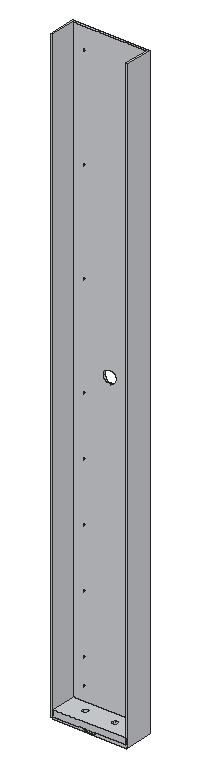
Revit family "MidWall", category Structural Connections, Revit 2026
Family settings
  Material for Model Behavior = Other
  Work Plane-Based = No
  Enable Cutting in Views = No
  Always vertical = No
  Cut with Voids When Loaded = No
  Shared = No
Parameters (values of type "MidWall 600-48")
  Version = "2.0"
  URL = "http://www.steelnetwork.com/product.aspx/MidWall"
  Manufacturer = "The Steel Network, Inc."
  Is_600-48 = yes
  Is_600-24 = no
  Is_362-48 = no
  Is_362-24 = no
  Is_250-48 = no
  Is_250-24 = no
Types (7): name | Is_600-48 | Is_600-24 | Is_362-48 | Is_362-24 | Is_250-48 | Is_250-24
  (no name) | yes | no | no | no | no | no
  MidWall 250-24 | no | no | no | no | no | yes
  MidWall 250-48 | no | no | no | no | yes | no
  MidWall 362-24 | no | no | no | yes | no | no
  MidWall 362-48 | no | no | yes | no | no | no
  MidWall 600-24 | no | yes | no | no | no | no
  MidWall 600-48 | yes | no | no | no | no | no
Reference planes (in)
  plane 1 "Center (Front/Back)": y = 0
  plane 2: z = 0
  plane 3 "Center (Left/Right)": x = 0
Nested families (in)
  nested 1: "MW250-24" at (-1.25, -1.8675, 0), visible <- "Is_250-24", type "MW250-24"
  nested 2: "MW250-48" at (-1.25, -1.8675, 0), visible <- "Is_250-48", type "MW250-48"
  nested 3: "MW362-24" at (-1.83135, -2.125, 0), visible <- "Is_362-24", type "MW362-24"
  nested 4: "MW362-48" at (-1.83135, -2.125, 0), visible <- "Is_362-48", type "MW362-48"
  nested 5: "MW600-24" at (-3, -2.125, 0), visible <- "Is_600-24", type "MW600-24"
  nested 6: "MW600-48" at (-3, -2.125, 0), visible <- "Is_600-48", type "MW600-48"
Definition of nested family "MW250-24"
  Reference planes (in)
    plane 1 "Center (Front/Back)": y = 0
    plane 2: z = 0
    plane 3 "Center (Left/Right)": x = 0
    plane 4: y = 1.8675
    plane 5: z = 24
    plane 6: y = 1.7658
    plane 7: y = 0.8829
    plane 8: x = 1.25
  Forms (in)
    Extrusion 1, solid
      sketch origin (0, 0, 0) x (1, 0, 0) y (0, 1, 0)
        loop
          line (0, 1.8675) -> (0, 0) -> (2.5, 0) -> (2.5, 1.8675) -> (0, 1.8675)
      from 0 to 24
    Extrusion 2, void
      sketch origin (0, 0, 0) x (1, 0, 0) y (0, 1, 0)
        loop
          line (0.1017, 1.7658) -> (0.1017, 0) -> (2.3983, 0) -> (2.3983, 1.7658) -> (0.1017, 1.7658)
      from 0.2034 to 24
    Extrusion 3, void
      sketch origin (0, 0, 0) x (1, 0, 0) y (0, 1, 0)
        loop
          line (0, 1.8675) -> (0, 0) -> (0.1017, 0) -> (0.1017, 1.8675) -> (0, 1.8675)
        loop
          line (2.3983, 1.8675) -> (2.3983, 0) -> (2.5, 0) -> (2.5, 1.8675) -> (2.3983, 1.8675)
      from 0 to 0.1017
    Extrusion 4, void
      sketch origin (0, 0, 0) x (1, 0, 0) y (0, 1, 0)
        loop
          line (0.96, 1.7658) -> (0.96, 0) -> (1.54, 0) -> (1.54, 1.7658) -> (0.96, 1.7658)
      from 0.1017 to 0.2034
    Extrusion 5, void
      sketch origin (0, 0, 0) x (1, 0, 0) y (0, 0, 1)
        loop
          circle (1.75, 1.79853) r 0.086
        loop
          circle (1.75, 3.79853) r 0.086
        loop
          circle (1.75, 8.42353) r 0.086
        loop
          circle (1.75, 13.04853) r 0.086
        loop
          circle (1.75, 17.67353) r 0.086
        loop
          circle (1.75, 22.29853) r 0.086
        loop
          circle (0.75, 1.79853) r 0.086
        loop
          circle (0.75, 3.79853) r 0.086
        loop
          circle (0.75, 8.42353) r 0.086
        loop
          circle (0.75, 13.04853) r 0.086
        loop
          circle (0.75, 17.67353) r 0.086
        loop
          circle (0.75, 22.29853) r 0.086
      from -1.8675 to -1.7658
    Extrusion 6, solid
      sketch origin (0, 0, 0) x (1, 0, 0) y (0, 0, 1)
        loop
          line (0.15, 0.7034) -> (0.15, 0.2034) -> (2.35, 0.2034) -> (2.35, 0.7034) -> (0.15, 0.7034)
      from -1.7658 to 0
    Extrusion 7, void
      sketch origin (0, 0, 0) x (1, 0, 0) y (0, 1, 0)
        loop
          circle (1.25, 0.8829) r 0.266
      from 0.2034 to 0.7034
  Cuts and joins
    Extrusion 2, Extrusion 3, Extrusion 4, Extrusion 5, Extrusion 7 cuts Extrusion 1
    Extrusion 7 cuts Extrusion 6
  Dimensions and locks (in)
    aligned and locked: plane 5 to Extrusion 1
Definition of nested family "MW250-48"
  Reference planes (in)
    plane 1 "Center (Front/Back)": y = 0
    plane 2: z = 0
    plane 3 "Center (Left/Right)": x = 0
    plane 4: y = 1.8675
    plane 5: z = 48
    plane 6: y = 1.7658
    plane 7: y = 0.8829
    plane 8: x = 1.25
  Forms (in)
    Extrusion 1, solid
      sketch origin (0, 0, 0) x (1, 0, 0) y (0, 1, 0)
        loop
          line (0, 1.8675) -> (0, 0) -> (2.5, 0) -> (2.5, 1.8675) -> (0, 1.8675)
      from 0 to 48
    Extrusion 2, void
      sketch origin (0, 0, 0) x (1, 0, 0) y (0, 1, 0)
        loop
          line (0.1017, 1.7658) -> (0.1017, 0) -> (2.3983, 0) -> (2.3983, 1.7658) -> (0.1017, 1.7658)
      from 0.2034 to 48
    Extrusion 3, void
      sketch origin (0, 0, 0) x (1, 0, 0) y (0, 1, 0)
        loop
          line (0, 1.8675) -> (0, 0) -> (0.1017, 0) -> (0.1017, 1.8675) -> (0, 1.8675)
        loop
          line (2.3983, 1.8675) -> (2.3983, 0) -> (2.5, 0) -> (2.5, 1.8675) -> (2.3983, 1.8675)
      from 0 to 0.1017
    Extrusion 4, void
      sketch origin (0, 0, 0) x (1, 0, 0) y (0, 1, 0)
        loop
          line (0.96, 1.7658) -> (0.96, 0) -> (1.54, 0) -> (1.54, 1.7658) -> (0.96, 1.7658)
      from 0.1017 to 0.2034
    Extrusion 5, void
      sketch origin (0, 0, 0) x (1, 0, 0) y (0, 0, 1)
        loop
          circle (1.75, 1.79853) r 0.086
        loop
          circle (1.75, 3.79853) r 0.086
        loop
          circle (1.75, 8.42353) r 0.086
        loop
          circle (1.75, 13.04853) r 0.086
        loop
          circle (1.75, 17.67353) r 0.086
        loop
          circle (1.75, 22.29853) r 0.086
        loop
          circle (1.75, 30.29853) r 0.086
        loop
          circle (1.75, 38.29853) r 0.086
        loop
          circle (1.75, 46.29853) r 0.086
        loop
          circle (0.75, 1.79853) r 0.086
        loop
          circle (0.75, 3.79853) r 0.086
        loop
          circle (0.75, 8.42353) r 0.086
        loop
          circle (0.75, 13.04853) r 0.086
        loop
          circle (0.75, 17.67353) r 0.086
        loop
          circle (0.75, 22.29853) r 0.086
        loop
          circle (0.75, 30.29853) r 0.086
        loop
          circle (0.75, 38.29853) r 0.086
        loop
          circle (0.75, 46.29853) r 0.086
      from -1.8675 to -1.7658
    Extrusion 6, void
      sketch origin (0, 0, 0) x (1, 0, 0) y (0, 0, 1)
        loop
          circle (1.25, 24.1017) r 0.5
      from -1.8675 to -1.7658
    Extrusion 7, solid
      sketch origin (0, 0, 0) x (1, 0, 0) y (0, 0, 1)
        loop
          line (0.15, 0.7034) -> (0.15, 0.2034) -> (2.35, 0.2034) -> (2.35, 0.7034) -> (0.15, 0.7034)
      from -1.7658 to 0
    Extrusion 8, void
      sketch origin (0, 0, 0) x (1, 0, 0) y (0, 1, 0)
        loop
          circle (1.25, 0.8829) r 0.266
      from 0.2034 to 0.7034
  Cuts and joins
    Extrusion 2, Extrusion 3, Extrusion 4, Extrusion 5, Extrusion 6, Extrusion 8 cuts Extrusion 1
    Extrusion 8 cuts Extrusion 7
  Dimensions and locks (in)
    plane 5 to level = 48.0000"
    aligned and locked: plane 5 to Extrusion 1
Definition of nested family "MW362-24"
  Reference planes (in)
    plane 1 "Center (Front/Back)": y = 0
    plane 2: z = 0
    plane 3 "Center (Left/Right)": x = 0
  Forms (in)
    Extrusion 1, solid
      sketch origin (0, 0, 0) x (1, 0, 0) y (0, 1, 0)
        loop
          line (0, 2.125) -> (0, 0) -> (3.625, 0) -> (3.625, 2.125) -> (0, 2.125)
      from 0 to 24
    Extrusion 2, void
      sketch origin (0, 0, 0) x (1, 0, 0) y (0, 1, 0)
        loop
          line (0.1017, 2.0233) -> (0.1017, 0) -> (3.5233, 0) -> (3.5233, 2.0233) -> (0.1017, 2.0233)
      from 0.2034 to 24
    Extrusion 3, void
      sketch origin (0, 0, 0) x (1, 0, 0) y (0, 1, 0)
        loop
          line (0, 2.125) -> (0, 0) -> (0.1017, 0) -> (0.1017, 2.125) -> (0, 2.125)
        loop
          line (3.5233, 2.125) -> (3.5233, 0) -> (3.625, 0) -> (3.625, 2.125) -> (3.5233, 2.125)
      from 0 to 0.1017
    Extrusion 4, void
      sketch origin (0, 0, 0) x (1, 0, 0) y (0, 0, 1)
        loop
          circle (2.74996, 1.79853) r 0.086
        loop
          circle (2.74996, 3.79853) r 0.086
        loop
          circle (2.74996, 8.42353) r 0.086
        loop
          circle (2.74996, 13.04853) r 0.086
        loop
          circle (2.74996, 17.67353) r 0.086
        loop
          circle (2.74996, 22.29853) r 0.086
        loop
          circle (0.87496, 1.79853) r 0.086
        loop
          circle (0.87496, 3.79853) r 0.086
        loop
          circle (0.87496, 8.42353) r 0.086
        loop
          circle (0.87496, 13.04853) r 0.086
        loop
          circle (0.87496, 17.67353) r 0.086
        loop
          circle (0.87496, 22.29853) r 0.086
      from -2.125 to -2.0233
    Extrusion 5, solid
      sketch origin (0, 0, 0) x (1, 0, 0) y (0, 0, 1)
        loop
          line (0.15, 0.7034) -> (0.15, 0.2034) -> (3.475, 0.2034) -> (3.475, 0.7034) -> (0.15, 0.7034)
      from -2.0233 to 0
    Extrusion 6, void
      sketch origin (0, 0, 0) x (1, 0, 0) y (0, 1, 0)
        loop
          line (1.716, 2.0233) -> (1.716, 0) -> (1.909, 0) -> (1.909, 2.0233) -> (1.716, 2.0233)
      from 0.1017 to 0.2034
    Extrusion 7, void
      sketch origin (0, 0, 0) x (1, 0, 0) y (0, 1, 0)
        loop
          circle (0.7517, 1.0625) r 0.25
        loop
          circle (2.8733, 1.0625) r 0.25
      from 0 to 0.2034
    Extrusion 8, void
      sketch origin (0, 0, 0) x (1, 0, 0) y (0, 1, 0)
        loop
          circle (0.7517, 1.0625) r 0.20685
        loop
          circle (2.8733, 1.0625) r 0.20685
      from 0.2034 to 0.7034
  Cuts and joins
    Extrusion 2, Extrusion 3, Extrusion 4, Extrusion 6, Extrusion 7, Extrusion 8 cuts Extrusion 1
    Extrusion 6, Extrusion 7, Extrusion 8 cuts Extrusion 5
Definition of nested family "MW362-48"
  Reference planes (in)
    plane 1 "Center (Front/Back)": y = 0
    plane 2: z = 0
    plane 3 "Center (Left/Right)": x = 0
  Forms (in)
    Extrusion 1, solid
      sketch origin (0, 0, 0) x (1, 0, 0) y (0, 1, 0)
        loop
          line (0, 2.125) -> (0, 0) -> (3.625, 0) -> (3.625, 2.125) -> (0, 2.125)
      from 0 to 48
    Extrusion 2, void
      sketch origin (0, 0, 0) x (1, 0, 0) y (0, 1, 0)
        loop
          line (0.1017, 2.0233) -> (0.1017, 0) -> (3.5233, 0) -> (3.5233, 2.0233) -> (0.1017, 2.0233)
      from 0.2034 to 48
    Extrusion 3, void
      sketch origin (0, 0, 0) x (1, 0, 0) y (0, 1, 0)
        loop
          line (0, 2.125) -> (0, 0) -> (0.1017, 0) -> (0.1017, 2.125) -> (0, 2.125)
        loop
          line (3.5233, 2.125) -> (3.5233, 0) -> (3.625, 0) -> (3.625, 2.125) -> (3.5233, 2.125)
      from 0 to 0.1017
    Extrusion 4, void
      sketch origin (0, 0, 0) x (1, 0, 0) y (0, 0, 1)
        loop
          circle (2.74996, 1.79853) r 0.086
        loop
          circle (2.74996, 3.79853) r 0.086
        loop
          circle (2.74996, 8.42353) r 0.086
        loop
          circle (2.74996, 13.04853) r 0.086
        loop
          circle (2.74996, 17.67353) r 0.086
        loop
          circle (2.74996, 22.29853) r 0.086
        loop
          circle (2.74996, 30.29853) r 0.086
        loop
          circle (2.74996, 38.29853) r 0.086
        loop
          circle (2.74996, 46.29853) r 0.086
        loop
          circle (0.87496, 1.79853) r 0.086
        loop
          circle (0.87496, 3.79853) r 0.086
        loop
          circle (0.87496, 8.42353) r 0.086
        loop
          circle (0.87496, 13.04853) r 0.086
        loop
          circle (0.87496, 17.67353) r 0.086
        loop
          circle (0.87496, 22.29853) r 0.086
        loop
          circle (0.87496, 30.29853) r 0.086
        loop
          circle (0.87496, 38.29853) r 0.086
        loop
          circle (0.87496, 46.29853) r 0.086
      from -2.125 to -2.0233
    Extrusion 5, solid
      sketch origin (0, 0, 0) x (1, 0, 0) y (0, 0, 1)
        loop
          line (0.15, 0.7034) -> (0.15, 0.2034) -> (3.475, 0.2034) -> (3.475, 0.7034) -> (0.15, 0.7034)
      from -2.0233 to 0
    Extrusion 6, void
      sketch origin (0, 0, 0) x (1, 0, 0) y (0, 1, 0)
        loop
          line (1.716, 2.0233) -> (1.716, 0) -> (1.909, 0) -> (1.909, 2.0233) -> (1.716, 2.0233)
      from 0.1017 to 0.2034
    Extrusion 7, void
      sketch origin (0, 0, 0) x (1, 0, 0) y (0, 1, 0)
        loop
          circle (0.7517, 1.0625) r 0.25
        loop
          circle (2.8733, 1.0625) r 0.25
      from 0 to 0.2034
    Extrusion 8, void
      sketch origin (0, 0, 0) x (1, 0, 0) y (0, 1, 0)
        loop
          circle (0.7517, 1.0625) r 0.20685
        loop
          circle (2.8733, 1.0625) r 0.20685
      from 0.2034 to 0.7034
    Extrusion 9, void
      sketch origin (0, 0, 0) x (1, 0, 0) y (0, 0, 1)
        loop
          circle (1.8125, 24.1017) r 0.5
      from -2.125 to -2.0233
  Cuts and joins
    Extrusion 2, Extrusion 3, Extrusion 4, Extrusion 6, Extrusion 7, Extrusion 8, Extrusion 9 cuts Extrusion 1
    Extrusion 6, Extrusion 7, Extrusion 8 cuts Extrusion 5
Definition of nested family "MW600-24"
  Reference planes (in)
    plane 1 "Center (Front/Back)": y = 0
    plane 2: z = 0
    plane 3 "Center (Left/Right)": x = 0
    plane 4: z = 24
  Forms (in)
    Extrusion 1, solid
      sketch origin (0, 0, 0) x (1, 0, 0) y (0, 1, 0)
        loop
          line (0, 2.125) -> (0, 0) -> (6, 0) -> (6, 2.125) -> (0, 2.125)
      from 0 to 24
    Extrusion 2, void
      sketch origin (0, 0, 0) x (1, 0, 0) y (0, 1, 0)
        loop
          line (0.1017, 2.0233) -> (0.1017, 0) -> (5.86531, 0) -> (5.86531, 2.0233) -> (0.1017, 2.0233)
      from 0.2034 to 24
    Extrusion 3, void
      sketch origin (0, 0, 0) x (1, 0, 0) y (0, 1, 0)
        loop
          line (0, 2.125) -> (0, 0) -> (0.1017, 0) -> (0.1017, 2.125) -> (0, 2.125)
        loop
          line (5.8983, 2.125) -> (5.8983, 0) -> (6, 0) -> (6, 2.125) -> (5.8983, 2.125)
      from 0 to 0.1017
    Extrusion 4, void
      sketch origin (0, 0, 0) x (1, 0, 0) y (0, 0, 1)
        loop
          circle (5, 1.79853) r 0.086
        loop
          circle (5, 3.79853) r 0.086
        loop
          circle (5, 8.42353) r 0.086
        loop
          circle (5, 13.04853) r 0.086
        loop
          circle (5, 17.67353) r 0.086
        loop
          circle (5, 22.29853) r 0.086
        loop
          circle (1, 1.79853) r 0.086
        loop
          circle (1, 3.79853) r 0.086
        loop
          circle (1, 8.42353) r 0.086
        loop
          circle (1, 13.04853) r 0.086
        loop
          circle (1, 17.67353) r 0.086
        loop
          circle (1, 22.29853) r 0.086
      from -2.125 to -2.0233
    Extrusion 5, solid
      sketch origin (0, 0, 0) x (1, 0, 0) y (0, 0, 1)
        loop
          line (0.15, 0.7034) -> (0.15, 0.2034) -> (5.81701, 0.2034) -> (5.81701, 0.7034) -> (0.15, 0.7034)
      from -2.0233 to 0
    Extrusion 6, void
      sketch origin (0, 0, 0) x (1, 0, 0) y (0, 1, 0)
        loop
          line (2.6483, 2.0233) -> (2.6483, 0) -> (3.3983, 0) -> (3.3983, 2.0233) -> (2.6483, 2.0233)
      from 0.1017 to 0.2034
    Extrusion 7, void
      sketch origin (0, 0, 0) x (1, 0, 0) y (0, 1, 0)
        loop
          circle (1.835, 1.0625) r 0.25
        loop
          circle (4.165, 1.0625) r 0.25
      from 0 to 0.2034
    Extrusion 8, void
      sketch origin (0, 0, 0) x (1, 0, 0) y (0, 1, 0)
        loop
          circle (1.835, 1.0625) r 0.20685
        loop
          circle (4.165, 1.0625) r 0.20685
      from 0.2034 to 0.7034
  Cuts and joins
    Extrusion 2, Extrusion 3, Extrusion 4, Extrusion 6, Extrusion 7, Extrusion 8 cuts Extrusion 1
    Extrusion 6, Extrusion 7, Extrusion 8 cuts Extrusion 5
Definition of nested family "MW600-48"
  Reference planes (in)
    plane 1 "Center (Front/Back)": y = 0
    plane 2: z = 0
    plane 3 "Center (Left/Right)": x = 0
  Forms (in)
    Extrusion 1, solid
      sketch origin (0, 0, 0) x (1, 0, 0) y (0, 1, 0)
        loop
          line (0, 2.125) -> (0, 0) -> (6, 0) -> (6, 2.125) -> (0, 2.125)
      from 0 to 48
    Extrusion 2, void
      sketch origin (0, 0, 0) x (1, 0, 0) y (0, 1, 0)
        loop
          line (0.1017, 2.0233) -> (0.1017, 0) -> (5.86531, 0) -> (5.86531, 2.0233) -> (0.1017, 2.0233)
      from 0.2034 to 48
    Extrusion 3, void
      sketch origin (0, 0, 0) x (1, 0, 0) y (0, 1, 0)
        loop
          line (0, 2.125) -> (0, 0) -> (0.1017, 0) -> (0.1017, 2.125) -> (0, 2.125)
        loop
          line (5.8983, 2.125) -> (5.8983, 0) -> (6, 0) -> (6, 2.125) -> (5.8983, 2.125)
      from 0 to 0.1017
    Extrusion 4, void
      sketch origin (0, 0, 0) x (1, 0, 0) y (0, 0, 1)
        loop
          circle (5, 46.29853) r 0.086
        loop
          circle (5, 38.29853) r 0.086
        loop
          circle (5, 30.29853) r 0.086
        loop
          circle (5, 22.29853) r 0.086
        loop
          circle (5, 17.67353) r 0.086
        loop
          circle (5, 13.04853) r 0.086
        loop
          circle (5, 8.42353) r 0.086
        loop
          circle (5, 3.79853) r 0.086
        loop
          circle (5, 1.79853) r 0.086
        loop
          circle (1, 46.29853) r 0.086
        loop
          circle (1, 38.29853) r 0.086
        loop
          circle (1, 30.29853) r 0.086
        loop
          circle (1, 22.29853) r 0.086
        loop
          circle (1, 17.67353) r 0.086
        loop
          circle (1, 13.04853) r 0.086
        loop
          circle (1, 8.42353) r 0.086
        loop
          circle (1, 3.79853) r 0.086
        loop
          circle (1, 1.79853) r 0.086
      from -2.125 to -2.0233
    Extrusion 5, solid
      sketch origin (0, 0, 0) x (1, 0, 0) y (0, 0, 1)
        loop
          line (0.15, 0.7034) -> (0.15, 0.2034) -> (5.81701, 0.2034) -> (5.81701, 0.7034) -> (0.15, 0.7034)
      from -2.0233 to 0
    Extrusion 6, void
      sketch origin (0, 0, 0) x (1, 0, 0) y (0, 1, 0)
        loop
          line (2.6483, 2.0233) -> (2.6483, 0) -> (3.3983, 0) -> (3.3983, 2.0233) -> (2.6483, 2.0233)
      from 0.1017 to 0.2034
    Extrusion 7, void
      sketch origin (0, 0, 0) x (1, 0, 0) y (0, 1, 0)
        loop
          circle (1.835, 1.0625) r 0.25
        loop
          circle (4.165, 1.0625) r 0.25
      from 0 to 0.2034
    Extrusion 8, void
      sketch origin (0, 0, 0) x (1, 0, 0) y (0, 1, 0)
        loop
          circle (1.835, 1.0625) r 0.20685
        loop
          circle (4.165, 1.0625) r 0.20685
      from 0.2034 to 0.7034
    Extrusion 9, void
      sketch origin (0, 0, 0) x (1, 0, 0) y (0, 0, 1)
        loop
          circle (3, 24.1017) r 0.5
      from -2.125 to -2.0233
  Cuts and joins
    Extrusion 2, Extrusion 3, Extrusion 4, Extrusion 6, Extrusion 7, Extrusion 8, Extrusion 9 cuts Extrusion 1
    Extrusion 6, Extrusion 7, Extrusion 8 cuts Extrusion 5
